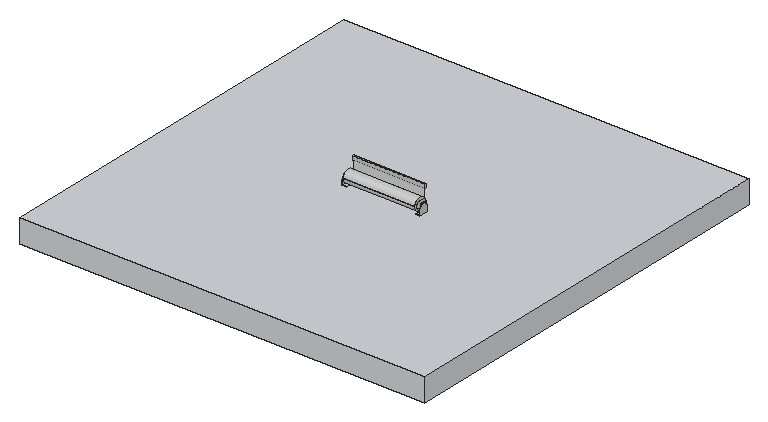
Revit family
Parameters (values of type "Ceiling Mount")
  Version = 1
  URL = "http://www.lutron.com"
  Shade Width [instance] = 1' - 6"
  Shade Symbol Offset = if(Pocket Mount Enclosure, 0' 0", 0' 0 3/4")  # 0' - 0 3/4"
  Shade Size Available [instance] = if(Actual Shade Height < Shade Height, "No, height exceeds 5:1 ratio limit, use larger roller", if(Shade Area < Maximum Shade Area, "Yes", "Shade Size Unavailable"))  # "Yes"
  Shade Material = Fabric - Lutron - Linen - White
  Shade Height [instance] = 0' - 5 1/2"
  Shade Area [instance] = Shade Width * Actual Shade Height  # 0.6875 SF
  Series = "Sivoia QS"
  Right Drive [instance] = no
  Product URL = "http://www.lutron.com/Products/ShadingSystems/SivoiaQS/WindowTreatments/RollerShades/Pages/RollerShades.aspx"
  Pocket Mount Enclosure = not(Overall Depth = 0' 3")  # no
  Pocket Mount Bracket Offset = if(Overall Depth = 0' 3 1/2", 0' 0 15/256", 0' 0")  # 0' - 0"
  Overall Width [instance] = if(Shade Width < 1' 6 1/2", 1' 6 1/2", if(Shade Width > 8' 0", 8' 0", Shade Width))  # 1' - 6 1/2"
  Overall Height [instance] = if([3D Shade Height Visibility], Shade Height, 0' 5 1/2")  # 0' - 5 1/2"
  Overall Depth = 0' - 3"
  No Pocket = not(Pocket Mount Enclosure)  # yes
  Mounting = "Ceiling"
  Model = "Roller 64"
  Maximum Shade Area = 64.00 SF  # constant formula
  Manufacturer = "Lutron Electronics"  # constant formula
  Lineal Requirements [instance] = ""
  Left Drive [instance] = no
  Fabric Roll Detail = "Standard"
  Fabric Options [instance] = ""
  Fabric Collection [instance] = ""
  Description = "Motorized Roller Shade"
  Default Elevation = 0' - 0"
  Copyright = "© 2010 Lutron Electronics Co., Inc."  # constant formula
  Control Technology [instance] = ""
  CADworks URL = "http://www.CADworks.net"
  Bottom Bar [instance] = ""
  Assembly Code = "E2010320"
  Actual Shade Height [instance] = if(Shade Height > Shade Width * 5, Shade Width * 5, Shade Height)  # 0' - 5 1/2"
  3D Shade Height Visibility [instance] = no
Types (4): name | Shade Symbol Offset | Pocket Mount Enclosure | Pocket Mount Bracket Offset | Overall Depth | No Pocket | Mounting
  (no name) | 0' - 0 3/4" | no | 0' - 0" | 0' - 3" | yes | "Ceiling"
  Ceiling Mount | 0' - 0 3/4" | no | 0' - 0" | 0' - 3" | yes | "Ceiling"
  Pocket Mount | 0' - 0" | yes | 0' - 0 15/256" | 0' - 3 1/2" | no | "Pocket"
  Inside Mount | 0' - 0 3/4" | no | 0' - 0" | 0' - 3" | yes | "Inside"
Reference planes (in)
  plane 1 "Center (Front/Back)": y = 0
  plane 2: z = 0
  plane 3 "Center (Left/Right)": x = 0
  plane 4: x = -9.25
  plane 5: x = 9.25
  plane 6: x = -8.5
  plane 7: x = 8.5
  plane 8: z = 1.764
  plane 9: z = 4.514
  plane 10: z = 5.5
  plane 11: y = -1.5
  plane 12: y = 1.5
  plane 13: z = 0.05859
  plane 14: z = 0
  plane 15: y = 1.75
  plane 16: y = -1.75
  plane 17: z = 3.5
Forms (in)
  Extrusion 1, solid
    sketch origin (0, 0, 0) x (1, 0, 0) y (0, 1, 0)
      loop
        line (-48, 48) -> (-48, -48.06319) -> (48, -48.06319) -> (48, 48) -> (-48, 48)
    from 0 to -5.50196
  Extrusion 2, solid, material "Fabric - Lutron - Linen - White" <- "Shade Material"
    sketch origin (0, 0, 0) x (0, 1, 0) y (0, 0, 1)
      loop
        circle (0, 1.764) r 1.5
    from -8.5 to 8.5
  Extrusion 3, solid, material "Metal - Lutron"
    sketch origin (0, -1.764, 1.764) x (0, 0, -1) y (0, -1, 0)
      loop
        arc (-0.91904, -2.61127) -> (0, -3.014) -> (0.91904, -2.61127) r 1.25
        line (0.91904, -2.61127) -> (0.91904, -0.91673)
        arc (0.91904, -0.91673) -> (0, -0.514) -> (-0.91904, -0.91673) r 1.25
        line (-0.91904, -0.91673) -> (-0.91904, -2.61127)
    from 8.5 to 8.75
  Extrusion 4, solid, material "Metal - Lutron"
    sketch origin (0, 0, 0) x (0, 1, 0) y (0, 0, 1)
      loop
        line (0.84727, 2.68304) -> (-0.84727, 2.68304)
        arc (-0.84727, 2.68304) -> (-1.25, 1.764) -> (-0.84727, 0.84496) r 1.25
        line (-0.84727, 0.84496) -> (0.84727, 0.84496)
        arc (0.84727, 0.84496) -> (1.25, 1.764) -> (0.84727, 2.68304) r 1.25
    from 8.5 to 8.75
  Extrusion 5, solid, material "Metal - Lutron", detail levels medium+fine
    sketch origin (0, 0, 0) x (1, 0, 0) y (0, 1, 0)
      loop
        line (9.25, 0.975) -> (8.25, 0.975) -> (8.25, -0.975) -> (9.25, -0.975) -> (9.25, 0.975)
      loop
        line (-9.25, 0.975) -> (-9.25, -0.975) -> (-8.25, -0.975) -> (-8.25, 0.975) -> (-9.25, 0.975)
    from 0 to 0.05859
  Extrusion 6, solid, material "Metal - Lutron", detail levels medium+fine
    sketch origin (9.25, 60, 48) x (0, 1, 0) y (0, 0, -1)
      loop
        line (-60.975, 48) -> (-60.975, 47.15504)
        arc (-60.975, 47.15504) -> (-60.81624, 46.49803) -> (-60.375, 45.986) r 1.43887
        line (-60.375, 45.986) -> (-60.375, 45.83594) -> (-59.625, 45.83594) -> (-59.625, 45.986)
        arc (-59.625, 45.986) -> (-59.18376, 46.49803) -> (-59.025, 47.15504) r 1.43887
        line (-59.025, 47.15504) -> (-59.025, 48) -> (-60.975, 48)
    from 0 to 0.05859
  Extrusion 7, solid, material "Metal - Lutron", detail levels medium+fine
    sketch origin (-9.25, 60, 48) x (0, 1, 0) y (0, 0, 1)
      loop
        line (-60.975, -48) -> (-59.025, -48) -> (-59.025, -47.15504)
        arc (-59.025, -47.15504) -> (-59.18376, -46.49803) -> (-59.625, -45.986) r 1.43887
        line (-59.625, -45.986) -> (-59.625, -45.83594) -> (-60.375, -45.83594) -> (-60.375, -45.986)
        arc (-60.375, -45.986) -> (-60.81624, -46.49803) -> (-60.975, -47.15504) r 1.43887
        line (-60.975, -47.15504) -> (-60.975, -48)
    from 0 to 0.05859
  Extrusion 8, solid, material "Metal - Lutron", detail levels medium+fine
    sketch origin (0, 0, 0) x (0, 1, 0) y (0, 0, 1)
      loop
        line (-0.5, 2.264) -> (-0.5, 1.264) -> (0.5, 1.264) -> (0.5, 2.264) -> (-0.5, 2.264)
    from 8.75 to 9.19141
  Extrusion 9, solid, material "Metal - Lutron", detail levels medium+fine
    sketch origin (0, 0, 0) x (0, 1, 0) y (0, 0, -1)
      loop
        line (-0.5, -2.264) -> (0.5, -2.264) -> (0.5, -1.264) -> (-0.5, -1.264) -> (-0.5, -2.264)
    from 8.75 to 9.19141
  Extrusion 10, solid, material "Fabric - Lutron - Linen - White" <- "Shade Material"
    sketch origin (0, 1.4375, 1.764) x (1, 0, 0) y (0, 0, -1)
      loop
        line (-8.5, 0) -> (-8.5, -2.75) -> (8.5, -2.75) -> (8.5, 0) -> (-8.5, 0)
    from 0 to 0.0625
  Extrusion 11, solid, material "Metal - Lutron", detail levels medium+fine
    sketch origin (0, -1.764, 1.764) x (0, 0, -1) y (0, 1, 0)
      loop
        line (-2.75, 3.3265) -> (-3.736, 3.3265) -> (-3.736, 3.139) -> (-2.75, 3.139) -> (-2.75, 3.3265)
    from -8.5625 to 8.5625
  Extrusion 12, solid, material "Metal - Lutron", visible <- "Pocket Mount Enclosure"
    sketch origin (0, 0, 3.5) x (0, 1, 0) y (0, 0, 1)
      loop
        line (1.75, -3.5) -> (1.75, 0) -> (1.6875, 0) -> (1.6875, -3.4375) -> (-1.6875, -3.4375) -> (-1.6875, 0) -> (-1.75, 0) -> (-1.75, -3.5) -> (1.75, -3.5)
    from -9.25 to 9.25
  Extrusion 13, solid, material "Metal - Lutron", visible <- "Pocket Mount Enclosure"
    sketch origin (0, 0, 3.5) x (1, 0, 0) y (0, 1, 0)
      loop
        line (9.25, -1.75) -> (9.3125, -1.75) -> (9.3125, 1.75) -> (9.25, 1.75) -> (9.25, -1.75)
      loop
        line (-9.25, -1.75) -> (-9.25, 1.75) -> (-9.3125, 1.75) -> (-9.3125, -1.75) -> (-9.25, -1.75)
    from -3.5 to 0
  Extrusion 14, solid, material "Metal - Lutron", visible <- "Pocket Mount Enclosure"
    sketch origin (0, 0, 3.5) x (0, 1, 0) y (0, 0, 1)
      loop
        line (-1.6875, 0) -> (-1.6875, -0.0625) -> (0.625, -0.0625) -> (0.625, 0) -> (-1.6875, 0)
    from -9.25 to 9.25
Cuts and joins
  joined: Extrusion 5, Extrusion 6, Extrusion 7
  joined: Extrusion 2, Extrusion 10
Lines and regions (in)
  Masking region 1, visible <- "No Pocket"
    outline origin (0, 0, 0) x (1, 0, 0) y (0, 1, 0)
      loop
        line (-8.5, 0.5) -> (-9.25, 0.5) -> (-9.25, -0.5) -> (-8.5, -0.5) -> (-8.5, -1.5) -> (8.5, -1.5) -> (8.5, -0.5) -> (9.25, -0.5) -> (9.25, 0.5) -> (8.5, 0.5) -> (8.5, 1.5) -> (-8.5, 1.5) -> (-8.5, 0.5)
  Masking region 2, visible <- "Pocket Mount Enclosure"
    outline origin (0, 1.5, 1.764) x (0, -1, 0) y (1, 0, 0)
      loop
        line (-0.25, -9.25) -> (3.25, -9.25) -> (3.25, 9.25) -> (-0.25, 9.25) -> (-0.25, -9.25)
  symbolic lines, visible <- "No Pocket"
    curve 1: line (8.5, -0.5, 0) -> (8.5, 0.5, 0)
    curve 2: line (-8.5, -0.5, 0) -> (-8.5, 0.5, 0)
  symbolic lines, style "GenericModel"
    curve 3: line (-7.75, 1, 0) -> (7.75, 1, 0)
Dimensions and locks (in)
  equal spacing: plane 4, plane 3 "Center (Left/Right)", plane 5
  "Overall Width": plane 4 to plane 5
  locked: plane 4 to plane 6 at 0.75
  locked: plane 7 to plane 5 at 0.75
  Extrusion 5 sketch curve to plane 1 "Center (Front/Back)" to Extrusion 5 sketch curve = 0' - 0.975" locked, 0' - 0.975" locked  (x2)
  locked: plane 1 "Center (Front/Back)" to Extrusion 2 sketch curve at 0
  locked: plane 8 to Extrusion 2 sketch curve at 0
  plane 8 to Extrusion 5 = 0' - 1.70541"
  equal spacing: plane 11, plane 1 "Center (Front/Back)", plane 12
  locked: plane 12 to plane 11 at 3
  locked: plane 6 to Extrusion 5 sketch curve at 0.25
  locked: Extrusion 5 sketch curve to plane 7 at 0.25
  locked: Extrusion 7 to plane 4 at 0.05859
  locked: plane 6 to Extrusion 7 at 0.69141
  locked: Extrusion 6 to plane 5 at 0.05859
  locked: plane 7 to Extrusion 6 at 0.69141
  Extrusion 6 sketch curve to Extrusion 6 sketch curve to plane 1 "Center (Front/Back)" = 0' - 0.6" locked, 0' - 0 3/8" locked
  Extrusion 6 sketch curve to Extrusion 6 sketch curve to plane 2 = 0' - 1.3191" locked, 0' - 0.84496" locked
  locked: Extrusion 6 sketch curve to plane 2 at 0.84496
  Extrusion 7 sketch curve to Extrusion 7 sketch curve to plane 1 "Center (Front/Back)" = 0' - 0.6" locked, 0' - 0 3/8" locked
  Extrusion 7 sketch curve to Extrusion 7 sketch curve to plane 2 = 0' - 1.3191" locked, 0' - 0.84496" locked
  locked: Extrusion 7 sketch curve to plane 2 at 0.84496
  locked: plane 6 to Extrusion 3 at 0.25
  locked: Extrusion 3 to plane 4 at 0.5
  locked: Extrusion 9 sketch curve to plane 1 "Center (Front/Back)" at 0.5
  locked: plane 8 to Extrusion 9 sketch curve at 0.5
  Extrusion 3 sketch curve to plane 8 to Extrusion 3 sketch curve = 0' - 0.91904" locked, 0' - 0.91904" locked
  Extrusion 3 sketch curve to plane 1 "Center (Front/Back)" to Extrusion 3 sketch curve = 0' - 0.84727" locked, 0' - 0.84727" locked  (x2)
  locked: Extrusion 10 to plane 12 at 0.0625
  locked: plane 1 "Center (Front/Back)" to Extrusion 10 at 1.4375
  locked: plane 12 to Extrusion 11 sketch curve at 0.0625
  locked: Extrusion 11 sketch curve to plane 12 at 0.125
  locked: plane 6 to Extrusion 11 at 0.0625
  locked: plane 7 to Extrusion 11 at 0.0625
  locked: Extrusion 11 to plane 4 at 0.6875
  locked: Extrusion 11 to plane 5 at 0.6875
  locked: plane 7 to Extrusion 4 at 0.25
  locked: Extrusion 4 to plane 5 at 0.5
  locked: plane 10 to plane 9 at 0.986
  locked: Extrusion 8 sketch curve to plane 1 "Center (Front/Back)" at 0.5
  locked: plane 8 to Extrusion 8 sketch curve at 0.5
  Extrusion 4 sketch curve to plane 1 "Center (Front/Back)" to Extrusion 4 sketch curve = 0' - 0.84727" locked, 0' - 0.84727" locked  (x2)
  Extrusion 4 sketch curve to plane 8 to Extrusion 4 sketch curve = 0' - 0.91904" locked, 0' - 0.91904" locked
  locked: cut or joined group of Extrusion 5, Extrusion 6, Extrusion 7 to cut or joined group of Extrusion 5, Extrusion 6, Extrusion 7 at 0
  "Overall Height": plane 10 to plane 2
  "Pocket Mount Bracket Offset": plane 14 to plane 2
  locked: plane 13 to plane 14 at 0.05859
  Extrusion 14 sketch curve to plane 1 "Center (Front/Back)" to Extrusion 14 sketch curve = 0' - 1 11/16" locked, 0' - 0 5/8" locked
  equal spacing: plane 16, plane 1 "Center (Front/Back)", plane 15
  locked: plane 15 to plane 16 at 3.5
  locked: plane 17 to plane 2 at 3.5
  locked: plane 16 to Extrusion 12 sketch curve at 0.0625
  locked: Extrusion 12 sketch curve to plane 15 at 0.0625
  locked: Extrusion 12 sketch curve to plane 2 at 0.0625
  locked: Extrusion 13 sketch curve to plane 4 at 0.0625
  locked: plane 5 to Extrusion 13 sketch curve at 0.0625
  locked: plane 17 to Extrusion 14 sketch curve at 0.0625
  Masking region 1 sketch curve to plane 1 "Center (Front/Back)" to Masking region 1 sketch curve = 0' - 0 1/2" locked, 0' - 0 1/2" locked  (x2)
  locked: plane 1 "Center (Front/Back)" to curve 3 at 1
  "Shade Symbol Offset": plane 6 to curve 3
  "Shade Symbol Offset": curve 3 to plane 7
  locked: Extrusion 11 to Extrusion 11 at 0.1875
  plane 1 "Center (Front/Back)" to Extrusion 6 sketch curve to Extrusion 6 sketch curve = 0' - 0 3/8" locked, 0' - 0.6" locked
  locked: Extrusion 6 sketch curve to plane 14 at 2.014  (x2)
  locked: Extrusion 7 sketch curve to plane 14 at 2.014  (x2)
  plane 1 "Center (Front/Back)" to Extrusion 7 sketch curve to Extrusion 7 sketch curve = 0' - 0 3/8" locked, 0' - 0.6" locked
  locked: plane 1 "Center (Front/Back)" to Extrusion 9 sketch curve at 0.5
  locked: Extrusion 9 sketch curve to plane 8 at 0.5
  locked: Extrusion 8 sketch curve to plane 8 at 0.5
  locked: plane 1 "Center (Front/Back)" to Extrusion 8 sketch curve at 0.5
  radius of Extrusion 2 sketch curve = 0' - 1 1/2"
  radius of Extrusion 6 sketch curve = 0' - 1.43887"  (x2)
  radius of Extrusion 7 sketch curve = 0' - 1.43887"  (x2)
  radius of Extrusion 3 sketch curve = 0' - 1 1/4"  (x2)
  radius of Extrusion 4 sketch curve = 0' - 1 1/4"  (x2)
  aligned and locked: plane 2 to Extrusion 1
  aligned and locked: level to Extrusion 1
  aligned and locked: Extrusion 2 to plane 6
  aligned and locked: Extrusion 2 to plane 7
  aligned: Extrusion 5 to plane 2
  aligned and locked: Extrusion 5 sketch curve to plane 5
  aligned and locked: plane 4 to Extrusion 5 sketch curve
  aligned and locked: Extrusion 7 to plane 4
  aligned and locked: Extrusion 6 to plane 5
  aligned and locked: Extrusion 9 to cut or joined group of Extrusion 5, Extrusion 6, Extrusion 7
  aligned and locked: plane 6 to Extrusion 3
  aligned and locked: Extrusion 9 to Extrusion 3
  aligned and locked: plane 12 to Extrusion 10
  aligned and locked: Extrusion 10 sketch curve to plane 6
  aligned and locked: Extrusion 10 sketch curve to plane 8
  aligned and locked: plane 9 to Extrusion 10 sketch curve
  aligned and locked: Extrusion 10 sketch curve to plane 7
  aligned and locked: plane 10 to Extrusion 11
  aligned and locked: Extrusion 11 to plane 9
  aligned and locked: Extrusion 8 to cut or joined group of Extrusion 5, Extrusion 6, Extrusion 7
  aligned and locked: Extrusion 8 to Extrusion 4
  aligned and locked: plane 7 to Extrusion 4
  aligned and locked: Masking region 1 sketch curve to cut or joined group of Extrusion 2, Extrusion 10  (x2)
  aligned and locked: Masking region 1 sketch curve to plane 4
  aligned and locked: Masking region 1 sketch curve to plane 12
  aligned and locked: Masking region 1 sketch curve to plane 11
  aligned and locked: Masking region 1 sketch curve to plane 5
  aligned and locked: Masking region 1 sketch curve to plane 7
  aligned and locked: Masking region 1 sketch curve to plane 6
  aligned and locked: plane 6 to curve 2
  aligned and locked: cut or joined group of Extrusion 5, Extrusion 6, Extrusion 7 to plane 13
  aligned and locked: cut or joined group of Extrusion 5, Extrusion 6, Extrusion 7 to plane 14
  aligned and locked: Extrusion 12 sketch curve to plane 16
  aligned and locked: Extrusion 12 sketch curve to plane 17  (x2)
  aligned and locked: plane 2 to Extrusion 12 sketch curve
  aligned and locked: plane 4 to Extrusion 13 sketch curve
  aligned and locked: plane 15 to Extrusion 13 sketch curve
  aligned and locked: plane 16 to Extrusion 13 sketch curve
  aligned and locked: Extrusion 13 sketch curve to plane 5
  aligned and locked: Extrusion 13 sketch curve to plane 16
  aligned and locked: Extrusion 13 sketch curve to plane 15
  aligned and locked: plane 17 to Extrusion 13
  aligned and locked: Extrusion 13 to plane 2
  aligned and locked: Extrusion 12 to plane 4
  aligned and locked: Extrusion 12 to plane 5
  aligned and locked: Extrusion 14 sketch curve to plane 17
  aligned and locked: Extrusion 14 to plane 4
  aligned and locked: Extrusion 14 to plane 5
  aligned and locked: plane 15 to Extrusion 12
  aligned and locked: Extrusion 6 sketch curve to plane 14
  aligned and locked: Extrusion 7 sketch curve to plane 14
  aligned and locked: Masking region 2 sketch curve to plane 15
  aligned and locked: plane 4 to Masking region 2 sketch curve
  aligned and locked: plane 5 to Masking region 2 sketch curve
  aligned and locked: Masking region 2 sketch curve to plane 16
Automatic sketch dimensions
  Extrusion 1 sketch curve to Extrusion 1 sketch curve = 8' - 0"
  Extrusion 1 sketch curve to Extrusion 1 sketch curve = 8' - 0.06319"
  Extrusion 12 sketch curve to plane 15 = 0' - 0"
  plane 10 to Extrusion 11 sketch curve = 0' - 0"
  plane 9 to Extrusion 11 sketch curve = 0' - 0"
  curve 1 to plane 7 = 0' - 0"
  curve 1 to plane 1 "Center (Front/Back)" = 0' - 0 1/2"
  curve 2 to plane 1 "Center (Front/Back)" = 0' - 0 1/2"
  plane 1 "Center (Front/Back)" to curve 1 = 0' - 0 1/2"
  plane 1 "Center (Front/Back)" to curve 2 = 0' - 0 1/2"
Connectors (in)
  electrical at (9.25, 0, 1.25576)
    settings: on cut or joined group of Extrusion 5, Extrusion 6, Extrusion 7, index 1, voltage 0 V, apparent load 0 VA, apparent load phase1 0 VA, apparent load phase2 0 VA, apparent load phase3 0 VA, power factor 1, load classification "Other", number of poles 1, system type 13, power factor state 1, is connector primary yes, connector utility no, sub classification motor no, connector description "Control Connection"
